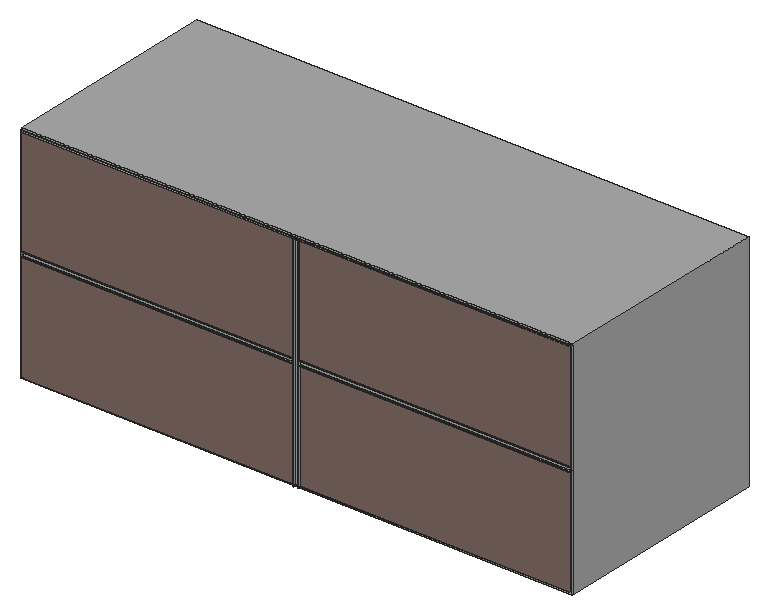
Revit family "vanity unit-hansgrohe-54241XXX-Xevolos E Vanity unit Slate Matt Grey 1370_550 with 4 drawers for consoles with countertop basin ground right", category Furniture, Revit 2019
Family settings
  OmniClass Number = 23.40.00.00
  OmniClass Title = Equipment and Furnishings
  Work Plane-Based = No
  Always vertical = Yes
  Cut with Voids When Loaded = No
  Shared = Yes
  Room Calculation Point = No
Parameters (values of type "54241730-SLATE_MATT_GREY-DARK_OAK-200")
  etim7_EC011381 = "EC011381"
  WEIGHT = "86.7"
  UNSPSC = "56 | Furniture and Furnishings"
  UNIFORMATII = "E2010 | Fixed Furnishings"
  UNICLASS_2015_CODE = "40_30_78_05"
  UNICLASS2015 = "Pr_40_30_78_05 | Bathroom furniture"
  SURFACE = "DARK_OAK"
  REGION = "Worldwide"
  PERMALINK = "54241XXX"
  OMNICLASS = "23-21 19 15 33 13 | Residential Bathroom Specialty Casework"
  OBJECTTYPE = "Object (single object)"
  OBERFLAECHE = "SLATE_MATT_GREY"
  NN = "Vanity unit with 4 drawers for consoles with countertop basin ground"
  NBSYN = "$ARTNR.-$OBERFLAECHE.-$SURFACE.-$LODLEVEL."
  NB = "54241730-SLATE_MATT_GREY-DARK_OAK-200"
  NAME = "Xevolos E Vanity unit Slate Matt Grey 1370/550 with 4 drawers for consoles with countertop basin ground right"
  Model = "54241730-SLATE_MATT_GREY-DARK_OAK-200"
  Manufacturer = "Hansgrohe"
  MIdent = "{$CADENAS_DATA/23d-libs/hansgrohe/xevolos_furniture/e_vanity_unit_4drawers_consoles_countertop_basin/vanity_unit_4drawers_consoles_countertop_basin.prj},285 {VTYP=3D},{NB=54241730-SLATE_MATT_GREY-DARK_OAK-200},{LINA=54241730-SLATE_MATT_GREY-DARK_OAK-200},{NN=Vanity unit with 4 drawers for consoles with countertop basin ground},{DATE=13.03.2023 11:56:00},{GEOMDATE=12.03.2023 06:43:00},{VERSION=},{LINEID=170},{WBVAR=LODLEVEL},{WBNUMERIC=}  {NB=54241730-SLATE_MATT_GREY-DARK_OAK-200},{LINA=54241730-SLATE_MATT_GREY-DARK_OAK-200},{KT=DUMMY},{IDNR=17},{ARTNR=54241730},{BASENUMBER=54241},{MODEL=54241XXX},{OBERFLAECHE=SLATE_MATT_GREY},{SURFACE=DARK_OAK},{L=1370},{CTP=R},{LODLEVEL=200},{LODLEVELX='400','400','200','200'},{NAME=Xevolos E Vanity unit Slate Matt Grey 1370/550 with 4 drawers for consoles with countertop basin ground right},{PERMALINK=54241XXX},{OBJECTTYPE=Object (single object)},{BIMOBJECT=Sanitary: Compound units},{COLLECTIONSET=Xevolos E},{COLLECTION=vanity unit},{WEIGHT=86.7},{DESCRIPTION=Xevolos E Vanity unit Slate Matt Grey 1370/550 with 4 drawers for consoles with countertop basin ground right},{PRODUCTURL=https://pro.hansgrohe.com/articledetail--54241390},{GTINCODE=0},{TENDERURL=0},{IFC=Furnishing element},{ETIM=EC011381 | Bathroom furniture set},{UNICLASS2015=Pr_40_30_78_05 | Bathroom furniture},{OMNICLASS=23-21 19 15 33 13 | Residential Bathroom Specialty Casework},{MASTERFORMAT=12 35 30.23 | Bathroom Casework},{UNSPSC=56 | Furniture and Furnishings},{UNIFORMATII=E2010 | Fixed Furnishings},{REGION=Worldwide},{DESIGN=Germany},{MANUFACTURER=Germany}"
  MASTERFORMAT = "12 35 30.23 | Bathroom Casework"
  LODLEVEL = "200"
  LINA = "54241730-SLATE_MATT_GREY-DARK_OAK-200"
  L = 1370
  IFC = "Furnishing element"
  IDNR = 17
  ETIM = "EC011381 | Bathroom furniture set"
  DESIGN = "Germany"
  CTP = "R"
  COLLECTIONSET = "Xevolos E"
  COLLECTION = "vanity unit"
  CATALOG = "Hansgrohe"
  BIMOBJECT = "Sanitary: Compound units"
  BASENUMBER = "54241"
  ARTNR = "54241730"
  54241770-SLATE_MATT_GREY-METALLIC_SLATE_GREY-400_RX0RY0RZ0TX0TY0TZ0_V = no
  54241770-SLATE_MATT_GREY-METALLIC_SLATE_GREY-200_RX0RY0RZ0TX0TY0TZ0_V = no
  54241730-SLATE_MATT_GREY-DARK_OAK-400_RX0RY0RZ0TX0TY0TZ0_V = no
  54241730-SLATE_MATT_GREY-DARK_OAK-200_RX0RY0RZ0TX0TY0TZ0_V = yes
  54241390-SLATE_MATT_GREY-PATTEREND_BRONZE-400_RX0RY0RZ0TX0TY0TZ0_V = no
  54241390-SLATE_MATT_GREY-PATTEREND_BRONZE-200_RX0RY0RZ0TX0TY0TZ0_V = no
Reference planes
  plane 1 "Center (Front/Back)": y = 0
  plane 2: z = 0
  plane 3 "Center (Left/Right)": x = 0
Dimensions and locks
  aligned and locked: level to plane 2
Nested families
  nested 1: "54241390-slate_matt_grey-patterend_bronze-200_content" at (0, 0, 0), visible <- "54241390-SLATE_MATT_GREY-PATTEREND_BRONZE-200_RX0RY0RZ0TX0TY0TZ0_V", ContentVisible <- "54241390-SLATE_MATT_GREY-PATTEREND_BRONZE-200_RX0RY0RZ0TX0TY0TZ0_V", type "54241390-SLATE_MATT_GREY-PATTEREND_BRONZE-200_Content"
    with ContentVisible no
  nested 2: "54241390-slate_matt_grey-patterend_bronze-400_content" at (0, 0, 0), visible <- "54241390-SLATE_MATT_GREY-PATTEREND_BRONZE-400_RX0RY0RZ0TX0TY0TZ0_V", ContentVisible <- "54241390-SLATE_MATT_GREY-PATTEREND_BRONZE-400_RX0RY0RZ0TX0TY0TZ0_V", type "54241390-SLATE_MATT_GREY-PATTEREND_BRONZE-400_Content"
    with ContentVisible no
  nested 3: "54241730-slate_matt_grey-dark_oak-200_content" at (0, 0, 0), visible <- "54241730-SLATE_MATT_GREY-DARK_OAK-200_RX0RY0RZ0TX0TY0TZ0_V", ContentVisible <- "54241730-SLATE_MATT_GREY-DARK_OAK-200_RX0RY0RZ0TX0TY0TZ0_V", type "54241730-SLATE_MATT_GREY-DARK_OAK-200_Content"
    with ContentVisible yes
  nested 4: "54241730-slate_matt_grey-dark_oak-400_content" at (0, 0, 0), visible <- "54241730-SLATE_MATT_GREY-DARK_OAK-400_RX0RY0RZ0TX0TY0TZ0_V", ContentVisible <- "54241730-SLATE_MATT_GREY-DARK_OAK-400_RX0RY0RZ0TX0TY0TZ0_V", type "54241730-SLATE_MATT_GREY-DARK_OAK-400_Content"
    with ContentVisible no
  nested 5: "54241770-slate_matt_grey-metallic_slate_grey-200_content" at (0, 0, 0), visible <- "54241770-SLATE_MATT_GREY-METALLIC_SLATE_GREY-200_RX0RY0RZ0TX0TY0TZ0_V", ContentVisible <- "54241770-SLATE_MATT_GREY-METALLIC_SLATE_GREY-200_RX0RY0RZ0TX0TY0TZ0_V", type "54241770-SLATE_MATT_GREY-METALLIC_SLATE_GREY-200_Content"
    with ContentVisible no
  nested 6: "54241770-slate_matt_grey-metallic_slate_grey-400_content" at (0, 0, 0), visible <- "54241770-SLATE_MATT_GREY-METALLIC_SLATE_GREY-400_RX0RY0RZ0TX0TY0TZ0_V", ContentVisible <- "54241770-SLATE_MATT_GREY-METALLIC_SLATE_GREY-400_RX0RY0RZ0TX0TY0TZ0_V", type "54241770-SLATE_MATT_GREY-METALLIC_SLATE_GREY-400_Content"
    with ContentVisible no
Definition of nested family "54241730-slate_matt_grey-dark_oak-200_content"
  Parameters (values of type "54241730-SLATE_MATT_GREY-DARK_OAK-200_Content")
    etim7_EC011381 = "EC011381"
    WEIGHT = "86.7"
    UNSPSC = "56 | Furniture and Furnishings"
    UNIFORMATII = "E2010 | Fixed Furnishings"
    UNICLASS_2015_CODE = "40_30_78_05"
    UNICLASS2015 = "Pr_40_30_78_05 | Bathroom furniture"
    SURFACE = "DARK_OAK"
    REGION = "Worldwide"
    PERMALINK = "54241XXX"
    OMNICLASS = "23-21 19 15 33 13 | Residential Bathroom Specialty Casework"
    OBJECTTYPE = "Object (single object)"
    OBERFLAECHE = "SLATE_MATT_GREY"
    NN = "Vanity unit with 4 drawers for consoles with countertop basin ground"
    NBSYN = "$ARTNR.-$OBERFLAECHE.-$SURFACE.-$LODLEVEL."
    NB = "54241730-SLATE_MATT_GREY-DARK_OAK-200"
    NAME = "Xevolos E Vanity unit Slate Matt Grey 1370/550 with 4 drawers for consoles with countertop basin ground right"
    Model = "54241730-SLATE_MATT_GREY-DARK_OAK-200"
    Manufacturer = "Hansgrohe"
    MASTERFORMAT = "12 35 30.23 | Bathroom Casework"
    LODLEVEL = "200"
    LINA = "54241730-SLATE_MATT_GREY-DARK_OAK-200"
    L = 1370
    IFC = "Furnishing element"
    IDNR = 17
    ETIM = "EC011381 | Bathroom furniture set"
    Default Elevation = 1219.2 mm
    DESIGN = "Germany"
    ContentVisible [instance] = yes
    CTP = "R"
    COLLECTIONSET = "Xevolos E"
    COLLECTION = "vanity unit"
    CATALOG = "Hansgrohe"
    BIMOBJECT = "Sanitary: Compound units"
    BASENUMBER = "54241"
    ARTNR = "54241730"
  Reference planes
    plane 1 "Center (Front/Back)": y = 0
    plane 2: z = 0
    plane 3 "Center (Left/Right)": x = 0
  Forms (mm)
    Extrusion 1, solid, visible <- "ContentVisible", detail levels medium+fine
      sketch origin (0, 0, 0) x (1, 0, 0) y (0, 1, 0)
        loop
          line (-685, 0) -> (-685, -544.3) -> (685, -544.3) -> (685, 0) -> (-685, 0)
      from 0 to 558
    Extrusion 2, solid, visible <- "ContentVisible", detail levels medium+fine
      sketch origin (0, -544.3, 0) x (1, 0, 0) y (0, 0, -1)
        loop
          line (-685, -278) -> (-683, -278) -> (-683, -4) -> (683, -4) -> (683, -278) -> (685, -278) -> (685, -2) -> (-685, -2) -> (-685, -278)
      from -4 to 0
    Extrusion 3, solid, visible <- "ContentVisible", detail levels medium+fine
      sketch origin (0, -544.3, 0) x (1, 0, 0) y (0, 0, -1)
        loop
          line (-685, -278) -> (-685, -554) -> (685, -554) -> (685, -278) -> (683, -278) -> (683, -552) -> (-683, -552) -> (-683, -278) -> (-685, -278)
      from -4 to 0
    Extrusion 4, solid, visible <- "ContentVisible", detail levels medium+fine
      sketch origin (0, -544.3, 0) x (1, 0, 0) y (0, 0, -1)
        loop
          line (-683, -272.5) -> (-7, -272.5) -> (-7, -4) -> (-683, -4) -> (-683, -272.5)
      from -4 to 0
    Extrusion 5, solid, visible <- "ContentVisible", detail levels medium+fine
      sketch origin (0, -544.3, 0) x (1, 0, 0) y (0, 0, -1)
        loop
          line (7, -272.5) -> (683, -272.5) -> (683, -4) -> (7, -4) -> (7, -272.5)
      from -2 to 0
    Extrusion 6, solid, visible <- "ContentVisible", detail levels medium+fine
      sketch origin (0, -544.3, 0) x (1, 0, 0) y (0, 0, -1)
        loop
          line (-683, -554) -> (-7, -554) -> (-7, -285.5) -> (-683, -285.5) -> (-683, -554)
      from -4 to 0
    Extrusion 7, solid, visible <- "ContentVisible", detail levels medium+fine
      sketch origin (0, -544.3, 0) x (1, 0, 0) y (0, 0, -1)
        loop
          line (7, -554) -> (683, -554) -> (683, -285.5) -> (7, -285.5) -> (7, -554)
      from -4 to 0
    Extrusion 8, solid, visible <- "ContentVisible", detail levels medium+fine
      sketch origin (0, 0, 272.5) x (1, 0, 0) y (0, 1, 0)
        loop
          line (-683, -527) -> (-683, -548.3) -> (-7, -548.3) -> (-7, -527) -> (-683, -527)
      from 0 to 2
    Extrusion 9, solid, visible <- "ContentVisible", detail levels medium+fine
      sketch origin (0, 0, 272.5) x (1, 0, 0) y (0, 1, 0)
        loop
          line (7, -548.3) -> (683, -548.3) -> (683, -527) -> (7, -527) -> (7, -548.3)
      from 0 to 2
    Extrusion 10, solid, visible <- "ContentVisible", detail levels medium+fine
      sketch origin (0, 0, 285.5) x (1, 0, 0) y (0, 1, 0)
        loop
          line (-683, -527) -> (-683, -548.3) -> (-7, -548.3) -> (-7, -527) -> (-683, -527)
      from -2 to 0
    Extrusion 11, solid, visible <- "ContentVisible", detail levels medium+fine
      sketch origin (0, 0, 285.5) x (1, 0, 0) y (0, 1, 0)
        loop
          line (7, -548.3) -> (683, -548.3) -> (683, -527) -> (7, -527) -> (7, -548.3)
      from -2 to 0
    Extrusion 12, solid, visible <- "ContentVisible", detail levels medium+fine
      sketch origin (0, 0, 0) x (1, 0, 0) y (0, 1, 0)
        loop
          line (-7, -544.3) -> (-7, -548.3) -> (-5, -548.3) -> (-5, -544.3) -> (-7, -544.3)
      from 0 to 554
    Extrusion 13, solid, visible <- "ContentVisible", detail levels medium+fine
      sketch origin (0, 0, 0) x (1, 0, 0) y (0, 1, 0)
        loop
          line (5, -544.3) -> (5, -548.3) -> (7, -548.3) -> (7, -544.3) -> (5, -544.3)
      from 0 to 554
    Extrusion 14, solid, visible <- "ContentVisible", detail levels coarse
      sketch origin (0, -274.15, 0) x (1, 0, 0) y (0, 1, 0)
        loop
          line (-685, -274.15) -> (685, -274.15) -> (685, 274.15) -> (-685, 274.15) -> (-685, -274.15)
      from 0 to 558
  Dimensions and locks
    aligned and locked: level to plane 2
Definition of nested family "54241390-slate_matt_grey-patterend_bronze-200_content"
  Parameters (values of type "54241390-SLATE_MATT_GREY-PATTEREND_BRONZE-200_Content")
    etim7_EC011381 = "EC011381"
    WEIGHT = "86.7"
    UNSPSC = "56 | Furniture and Furnishings"
    UNIFORMATII = "E2010 | Fixed Furnishings"
    UNICLASS_2015_CODE = "40_30_78_05"
    UNICLASS2015 = "Pr_40_30_78_05 | Bathroom furniture"
    SURFACE = "PATTEREND_BRONZE"
    REGION = "Worldwide"
    PERMALINK = "54241XXX"
    OMNICLASS = "23-21 19 15 33 13 | Residential Bathroom Specialty Casework"
    OBJECTTYPE = "Object (single object)"
    OBERFLAECHE = "SLATE_MATT_GREY"
    NN = "Vanity unit with 4 drawers for consoles with countertop basin ground"
    NBSYN = "$ARTNR.-$OBERFLAECHE.-$SURFACE.-$LODLEVEL."
    NB = "54241390-SLATE_MATT_GREY-PATTEREND_BRONZE-200"
    NAME = "Xevolos E Vanity unit Slate Matt Grey 1370/550 with 4 drawers for consoles with countertop basin ground right"
    Model = "54241390-SLATE_MATT_GREY-PATTEREND_BRONZE-200"
    Manufacturer = "Hansgrohe"
    MASTERFORMAT = "12 35 30.23 | Bathroom Casework"
    LODLEVEL = "200"
    LINA = "54241390-SLATE_MATT_GREY-PATTEREND_BRONZE-200"
    L = 1370
    IFC = "Furnishing element"
    IDNR = 16
    ETIM = "EC011381 | Bathroom furniture set"
    Default Elevation = 1219.2 mm
    DESIGN = "Germany"
    ContentVisible [instance] = yes
    CTP = "R"
    COLLECTIONSET = "Xevolos E"
    COLLECTION = "vanity unit"
    CATALOG = "Hansgrohe"
    BIMOBJECT = "Sanitary: Compound units"
    BASENUMBER = "54241"
    ARTNR = "54241390"
  Reference planes
    plane 1 "Center (Front/Back)": y = 0
    plane 2: z = 0
    plane 3 "Center (Left/Right)": x = 0
  Forms (mm)
    Extrusion 1, solid, visible <- "ContentVisible", detail levels medium+fine
      sketch origin (0, 0, 0) x (1, 0, 0) y (0, 1, 0)
        loop
          line (-685, 0) -> (-685, -544.3) -> (685, -544.3) -> (685, 0) -> (-685, 0)
      from 0 to 558
    Extrusion 2, solid, visible <- "ContentVisible", detail levels medium+fine
      sketch origin (0, -544.3, 0) x (1, 0, 0) y (0, 0, -1)
        loop
          line (-685, -278) -> (-683, -278) -> (-683, -4) -> (683, -4) -> (683, -278) -> (685, -278) -> (685, -2) -> (-685, -2) -> (-685, -278)
      from -4 to 0
    Extrusion 3, solid, visible <- "ContentVisible", detail levels medium+fine
      sketch origin (0, -544.3, 0) x (1, 0, 0) y (0, 0, -1)
        loop
          line (-685, -278) -> (-685, -554) -> (685, -554) -> (685, -278) -> (683, -278) -> (683, -552) -> (-683, -552) -> (-683, -278) -> (-685, -278)
      from -4 to 0
    Extrusion 4, solid, visible <- "ContentVisible", detail levels medium+fine
      sketch origin (0, -544.3, 0) x (1, 0, 0) y (0, 0, -1)
        loop
          line (-683, -272.5) -> (-7, -272.5) -> (-7, -4) -> (-683, -4) -> (-683, -272.5)
      from -4 to 0
    Extrusion 5, solid, visible <- "ContentVisible", detail levels medium+fine
      sketch origin (0, -544.3, 0) x (1, 0, 0) y (0, 0, -1)
        loop
          line (7, -272.5) -> (683, -272.5) -> (683, -4) -> (7, -4) -> (7, -272.5)
      from -2 to 0
    Extrusion 6, solid, visible <- "ContentVisible", detail levels medium+fine
      sketch origin (0, -544.3, 0) x (1, 0, 0) y (0, 0, -1)
        loop
          line (-683, -554) -> (-7, -554) -> (-7, -285.5) -> (-683, -285.5) -> (-683, -554)
      from -4 to 0
    Extrusion 7, solid, visible <- "ContentVisible", detail levels medium+fine
      sketch origin (0, -544.3, 0) x (1, 0, 0) y (0, 0, -1)
        loop
          line (7, -554) -> (683, -554) -> (683, -285.5) -> (7, -285.5) -> (7, -554)
      from -4 to 0
    Extrusion 8, solid, visible <- "ContentVisible", detail levels medium+fine
      sketch origin (0, 0, 272.5) x (1, 0, 0) y (0, 1, 0)
        loop
          line (-683, -527) -> (-683, -548.3) -> (-7, -548.3) -> (-7, -527) -> (-683, -527)
      from 0 to 2
    Extrusion 9, solid, visible <- "ContentVisible", detail levels medium+fine
      sketch origin (0, 0, 272.5) x (1, 0, 0) y (0, 1, 0)
        loop
          line (7, -548.3) -> (683, -548.3) -> (683, -527) -> (7, -527) -> (7, -548.3)
      from 0 to 2
    Extrusion 10, solid, visible <- "ContentVisible", detail levels medium+fine
      sketch origin (0, 0, 285.5) x (1, 0, 0) y (0, 1, 0)
        loop
          line (-683, -527) -> (-683, -548.3) -> (-7, -548.3) -> (-7, -527) -> (-683, -527)
      from -2 to 0
    Extrusion 11, solid, visible <- "ContentVisible", detail levels medium+fine
      sketch origin (0, 0, 285.5) x (1, 0, 0) y (0, 1, 0)
        loop
          line (7, -548.3) -> (683, -548.3) -> (683, -527) -> (7, -527) -> (7, -548.3)
      from -2 to 0
    Extrusion 12, solid, visible <- "ContentVisible", detail levels medium+fine
      sketch origin (0, 0, 0) x (1, 0, 0) y (0, 1, 0)
        loop
          line (-7, -544.3) -> (-7, -548.3) -> (-5, -548.3) -> (-5, -544.3) -> (-7, -544.3)
      from 0 to 554
    Extrusion 13, solid, visible <- "ContentVisible", detail levels medium+fine
      sketch origin (0, 0, 0) x (1, 0, 0) y (0, 1, 0)
        loop
          line (5, -544.3) -> (5, -548.3) -> (7, -548.3) -> (7, -544.3) -> (5, -544.3)
      from 0 to 554
    Extrusion 14, solid, visible <- "ContentVisible", detail levels coarse
      sketch origin (0, -274.15, 0) x (1, 0, 0) y (0, 1, 0)
        loop
          line (-685, -274.15) -> (685, -274.15) -> (685, 274.15) -> (-685, 274.15) -> (-685, -274.15)
      from 0 to 558
  Dimensions and locks
    aligned and locked: level to plane 2
Definition of nested family "54241390-slate_matt_grey-patterend_bronze-400_content"
  Parameters (values of type "54241390-SLATE_MATT_GREY-PATTEREND_BRONZE-400_Content")
    etim7_EC011381 = "EC011381"
    WEIGHT = "86.7"
    UNSPSC = "56 | Furniture and Furnishings"
    UNIFORMATII = "E2010 | Fixed Furnishings"
    UNICLASS_2015_CODE = "40_30_78_05"
    UNICLASS2015 = "Pr_40_30_78_05 | Bathroom furniture"
    SURFACE = "PATTEREND_BRONZE"
    REGION = "Worldwide"
    PERMALINK = "54241XXX"
    OMNICLASS = "23-21 19 15 33 13 | Residential Bathroom Specialty Casework"
    OBJECTTYPE = "Object (single object)"
    OBERFLAECHE = "SLATE_MATT_GREY"
    NN = "Vanity unit with 4 drawers for consoles with countertop basin ground"
    NBSYN = "$ARTNR.-$OBERFLAECHE.-$SURFACE.-$LODLEVEL."
    NB = "54241390-SLATE_MATT_GREY-PATTEREND_BRONZE-400"
    NAME = "Xevolos E Vanity unit Slate Matt Grey 1370/550 with 4 drawers for consoles with countertop basin ground right"
    Model = "54241390-SLATE_MATT_GREY-PATTEREND_BRONZE-400"
    Manufacturer = "Hansgrohe"
    MASTERFORMAT = "12 35 30.23 | Bathroom Casework"
    LODLEVEL = "400"
    LINA = "54241390-SLATE_MATT_GREY-PATTEREND_BRONZE-400"
    L = 1370
    IFC = "Furnishing element"
    IDNR = 16
    ETIM = "EC011381 | Bathroom furniture set"
    Default Elevation = 1219.2 mm
    DESIGN = "Germany"
    ContentVisible [instance] = yes
    CTP = "R"
    COLLECTIONSET = "Xevolos E"
    COLLECTION = "vanity unit"
    CATALOG = "Hansgrohe"
    BIMOBJECT = "Sanitary: Compound units"
    BASENUMBER = "54241"
    ARTNR = "54241390"
  Reference planes
    plane 1 "Center (Front/Back)": y = 0
    plane 2: z = 0
    plane 3 "Center (Left/Right)": x = 0
  Forms (mm)
    Extrusion 1, solid, visible <- "ContentVisible", detail levels medium+fine
      sketch origin (0, 0, 0) x (1, 0, 0) y (0, 1, 0)
        loop
          line (-685, 0) -> (-685, -548.3) -> (-683, -548.3) -> (-683, -544.3) -> (-669, -544.3) -> (-669, 0) -> (-685, 0)
      from 0 to 558
    Extrusion 2, solid, visible <- "ContentVisible", detail levels medium+fine
      sketch origin (0, 0, 0) x (1, 0, 0) y (0, 1, 0)
        loop
          line (-669, -131.5) -> (-669, -498) -> (669, -498) -> (669, -131.5) -> (-669, -131.5)
      from 0 to 16
    Extrusion 3, solid, visible <- "ContentVisible", detail levels medium+fine
      sketch origin (0, 0, 0) x (1, 0, 0) y (0, 1, 0)
        loop
          line (669, 0) -> (669, -544.3) -> (683, -544.3) -> (683, -548.3) -> (685, -548.3) -> (685, 0) -> (669, 0)
      from 0 to 558
    Extrusion 4, solid, visible <- "ContentVisible", detail levels medium+fine
      sketch origin (0, 0, 0.5) x (1, 0, 0) y (0, 1, 0)
        loop
          line (-669, -115.5) -> (-669, -131.5) -> (669, -131.5) -> (669, -115.5) -> (-669, -115.5)
      from 0 to 126
    Extrusion 5, solid, visible <- "ContentVisible", detail levels medium+fine
      sketch origin (0, 0, 0) x (1, 0, 0) y (0, 1, 0)
        loop
          line (-5, -536) -> (5, -536) -> (5, 0) -> (-5, 0) -> (-5, -536)
      from 0 to 558
    Extrusion 6, solid, visible <- "ContentVisible", detail levels medium+fine
      sketch origin (0, 0, 0) x (1, 0, 0) y (0, 1, 0)
        loop
          line (-21, 0) -> (-21, -544.3) -> (-7, -544.3) -> (-7, -548.3) -> (-5, -548.3) -> (-5, 0) -> (-21, 0)
      from 0 to 558
    Extrusion 7, solid, visible <- "ContentVisible", detail levels medium+fine
      sketch origin (0, 0, 0) x (1, 0, 0) y (0, 1, 0)
        loop
          line (5, 0) -> (5, -548.3) -> (7, -548.3) -> (7, -544.3) -> (21, -544.3) -> (21, 0) -> (5, 0)
      from 0 to 558
    Extrusion 8, solid, visible <- "ContentVisible", detail levels medium+fine
      sketch origin (0, 0, 2) x (1, 0, 0) y (0, 1, 0)
        loop
          line (-683, -527) -> (-683, -548.3) -> (-7, -548.3) -> (-7, -527) -> (-683, -527)
      from 0 to 2
    Extrusion 9, solid, visible <- "ContentVisible", detail levels medium+fine
      sketch origin (0, 0, 2) x (1, 0, 0) y (0, 1, 0)
        loop
          line (7, -548.3) -> (683, -548.3) -> (683, -527) -> (7, -527) -> (7, -548.3)
      from 0 to 2
    Extrusion 10, solid, visible <- "ContentVisible", detail levels medium+fine
      sketch origin (0, 0, 556) x (1, 0, 0) y (0, 1, 0)
        loop
          line (-683, -527) -> (-683, -548.3) -> (-7, -548.3) -> (-7, -527) -> (-683, -527)
      from -2 to 0
    Extrusion 11, solid, visible <- "ContentVisible", detail levels medium+fine
      sketch origin (0, 0, 556) x (1, 0, 0) y (0, 1, 0)
        loop
          line (7, -548.3) -> (683, -548.3) -> (683, -527) -> (7, -527) -> (7, -548.3)
      from -2 to 0
    Extrusion 12, solid, visible <- "ContentVisible", detail levels medium+fine
      sketch origin (0, -544.3, 0) x (1, 0, 0) y (0, 0, -1)
        loop
          line (-683, -272.5) -> (-7, -272.5) -> (-7, -4) -> (-683, -4) -> (-683, -272.5)
      from -4 to 0
    Extrusion 13, solid, visible <- "ContentVisible", detail levels medium+fine
      sketch origin (0, -544.3, 0) x (1, 0, 0) y (0, 0, -1)
        loop
          line (7, -272.5) -> (683, -272.5) -> (683, -4) -> (7, -4) -> (7, -272.5)
      from -2 to 0
    Extrusion 14, solid, visible <- "ContentVisible", detail levels medium+fine
      sketch origin (0, -544.3, 0) x (1, 0, 0) y (0, 0, -1)
        loop
          line (-683, -554) -> (-7, -554) -> (-7, -285.5) -> (-683, -285.5) -> (-683, -554)
      from -4 to 0
    Extrusion 15, solid, visible <- "ContentVisible", detail levels medium+fine
      sketch origin (0, -544.3, 0) x (1, 0, 0) y (0, 0, -1)
        loop
          line (7, -554) -> (683, -554) -> (683, -285.5) -> (7, -285.5) -> (7, -554)
      from -4 to 0
    Extrusion 16, solid, visible <- "ContentVisible", detail levels medium+fine
      sketch origin (0, 0, 272.5) x (1, 0, 0) y (0, 1, 0)
        loop
          line (-683, -527) -> (-683, -548.3) -> (-7, -548.3) -> (-7, -527) -> (-683, -527)
      from 0 to 2
    Extrusion 17, solid, visible <- "ContentVisible", detail levels medium+fine
      sketch origin (0, 0, 272.5) x (1, 0, 0) y (0, 1, 0)
        loop
          line (7, -548.3) -> (683, -548.3) -> (683, -527) -> (7, -527) -> (7, -548.3)
      from 0 to 2
    Extrusion 18, solid, visible <- "ContentVisible", detail levels medium+fine
      sketch origin (0, 0, 285.5) x (1, 0, 0) y (0, 1, 0)
        loop
          line (-683, -527) -> (-683, -548.3) -> (-7, -548.3) -> (-7, -527) -> (-683, -527)
      from -2 to 0
    Extrusion 19, solid, visible <- "ContentVisible", detail levels medium+fine
      sketch origin (0, 0, 285.5) x (1, 0, 0) y (0, 1, 0)
        loop
          line (7, -548.3) -> (683, -548.3) -> (683, -527) -> (7, -527) -> (7, -548.3)
      from -2 to 0
    Extrusion 20, solid, visible <- "ContentVisible", detail levels medium+fine
      sketch origin (0, -544.3, 0) x (1, 0, 0) y (0, 0, -1)
        loop
          line (-683, -274.5) -> (-7, -274.5) -> (-7, -4.5) -> (-683, -4.5) -> (-683, -274.5)
        loop
          line (-609, -80.5) -> (-609, -272.5) -> (-81, -272.5) -> (-81, -80.5) -> (-609, -80.5)
      from 0 to 17
    Extrusion 21, solid, visible <- "ContentVisible", detail levels medium+fine
      sketch origin (0, -544.3, 0) x (1, 0, 0) y (0, 0, -1)
        loop
          line (7, -274.5) -> (683, -274.5) -> (683, -4.5) -> (7, -4.5) -> (7, -274.5)
        loop
          line (81, -80.5) -> (81, -272.5) -> (609, -272.5) -> (609, -80.5) -> (81, -80.5)
      from 0 to 17
    Extrusion 22, solid, visible <- "ContentVisible", detail levels medium+fine
      sketch origin (0, -544.3, 0) x (1, 0, 0) y (0, 0, -1)
        loop
          line (-683, -553.5) -> (-607, -553.5) -> (-607, -361.5) -> (-83, -361.5) -> (-83, -553.5) -> (-7, -553.5) -> (-7, -285.5) -> (-683, -285.5) -> (-683, -553.5)
      from 0 to 17
    Extrusion 23, solid, visible <- "ContentVisible", detail levels medium+fine
      sketch origin (0, -544.3, 0) x (1, 0, 0) y (0, 0, -1)
        loop
          line (7, -285.5) -> (7, -553.5) -> (83, -553.5) -> (83, -361.5) -> (607, -361.5) -> (607, -553.5) -> (683, -553.5) -> (683, -285.5) -> (7, -285.5)
      from 0 to 17
    Extrusion 24, solid, visible <- "ContentVisible", detail levels medium+fine
      sketch origin (0, 0, 0) x (0, 0, -1) y (0, 1, 0)
        loop
          line (-285, -395.5) -> (-285, -520) -> (-269, -520) -> (-269, -395.5) -> (-285, -395.5)
      from -669 to 669
    Extrusion 25, solid, visible <- "ContentVisible", detail levels medium+fine
      sketch origin (0, 0, 557.5) x (1, 0, 0) y (0, 1, 0)
        loop
          line (21, -23) -> (21, -521.5) -> (669, -521.5) -> (669, -23) -> (495, -23) -> (495, -273)
          arc (495, -273) -> (465.711, -343.711) -> (395, -373) r 100
          line (395, -373) -> (295, -373)
          arc (295, -373) -> (224.289, -343.711) -> (195, -273) r 100
          line (195, -273) -> (195, -23) -> (21, -23)
      from -16 to 0
    Extrusion 26, solid, visible <- "ContentVisible", detail levels medium+fine
      sketch origin (0, 0, 557.5) x (1, 0, 0) y (0, 1, 0)
        loop
          line (-669, -521.5) -> (-21, -521.5) -> (-21, -23) -> (-669, -23) -> (-669, -521.5)
      from -16 to 0
    Extrusion 27, solid, visible <- "ContentVisible", detail levels coarse
      sketch origin (0, -274.15, 0) x (1, 0, 0) y (0, 1, 0)
        loop
          line (-685, -274.15) -> (685, -274.15) -> (685, 274.15) -> (-685, 274.15) -> (-685, -274.15)
      from 0 to 558
  Dimensions and locks
    aligned and locked: level to plane 2
Definition of nested family "54241730-slate_matt_grey-dark_oak-400_content"
  Parameters (values of type "54241730-SLATE_MATT_GREY-DARK_OAK-400_Content")
    etim7_EC011381 = "EC011381"
    WEIGHT = "86.7"
    UNSPSC = "56 | Furniture and Furnishings"
    UNIFORMATII = "E2010 | Fixed Furnishings"
    UNICLASS_2015_CODE = "40_30_78_05"
    UNICLASS2015 = "Pr_40_30_78_05 | Bathroom furniture"
    SURFACE = "DARK_OAK"
    REGION = "Worldwide"
    PERMALINK = "54241XXX"
    OMNICLASS = "23-21 19 15 33 13 | Residential Bathroom Specialty Casework"
    OBJECTTYPE = "Object (single object)"
    OBERFLAECHE = "SLATE_MATT_GREY"
    NN = "Vanity unit with 4 drawers for consoles with countertop basin ground"
    NBSYN = "$ARTNR.-$OBERFLAECHE.-$SURFACE.-$LODLEVEL."
    NB = "54241730-SLATE_MATT_GREY-DARK_OAK-400"
    NAME = "Xevolos E Vanity unit Slate Matt Grey 1370/550 with 4 drawers for consoles with countertop basin ground right"
    Model = "54241730-SLATE_MATT_GREY-DARK_OAK-400"
    Manufacturer = "Hansgrohe"
    MASTERFORMAT = "12 35 30.23 | Bathroom Casework"
    LODLEVEL = "400"
    LINA = "54241730-SLATE_MATT_GREY-DARK_OAK-400"
    L = 1370
    IFC = "Furnishing element"
    IDNR = 17
    ETIM = "EC011381 | Bathroom furniture set"
    Default Elevation = 1219.2 mm
    DESIGN = "Germany"
    ContentVisible [instance] = yes
    CTP = "R"
    COLLECTIONSET = "Xevolos E"
    COLLECTION = "vanity unit"
    CATALOG = "Hansgrohe"
    BIMOBJECT = "Sanitary: Compound units"
    BASENUMBER = "54241"
    ARTNR = "54241730"
  Reference planes
    plane 1 "Center (Front/Back)": y = 0
    plane 2: z = 0
    plane 3 "Center (Left/Right)": x = 0
  Forms (mm)
    Extrusion 1, solid, visible <- "ContentVisible", detail levels medium+fine
      sketch origin (0, 0, 0) x (1, 0, 0) y (0, 1, 0)
        loop
          line (-685, 0) -> (-685, -548.3) -> (-683, -548.3) -> (-683, -544.3) -> (-669, -544.3) -> (-669, 0) -> (-685, 0)
      from 0 to 558
    Extrusion 2, solid, visible <- "ContentVisible", detail levels medium+fine
      sketch origin (0, 0, 0) x (1, 0, 0) y (0, 1, 0)
        loop
          line (-669, -131.5) -> (-669, -498) -> (669, -498) -> (669, -131.5) -> (-669, -131.5)
      from 0 to 16
    Extrusion 3, solid, visible <- "ContentVisible", detail levels medium+fine
      sketch origin (0, 0, 0) x (1, 0, 0) y (0, 1, 0)
        loop
          line (669, 0) -> (669, -544.3) -> (683, -544.3) -> (683, -548.3) -> (685, -548.3) -> (685, 0) -> (669, 0)
      from 0 to 558
    Extrusion 4, solid, visible <- "ContentVisible", detail levels medium+fine
      sketch origin (0, 0, 0.5) x (1, 0, 0) y (0, 1, 0)
        loop
          line (-669, -115.5) -> (-669, -131.5) -> (669, -131.5) -> (669, -115.5) -> (-669, -115.5)
      from 0 to 126
    Extrusion 5, solid, visible <- "ContentVisible", detail levels medium+fine
      sketch origin (0, 0, 0) x (1, 0, 0) y (0, 1, 0)
        loop
          line (-5, -536) -> (5, -536) -> (5, 0) -> (-5, 0) -> (-5, -536)
      from 0 to 558
    Extrusion 6, solid, visible <- "ContentVisible", detail levels medium+fine
      sketch origin (0, 0, 0) x (1, 0, 0) y (0, 1, 0)
        loop
          line (-21, 0) -> (-21, -544.3) -> (-7, -544.3) -> (-7, -548.3) -> (-5, -548.3) -> (-5, 0) -> (-21, 0)
      from 0 to 558
    Extrusion 7, solid, visible <- "ContentVisible", detail levels medium+fine
      sketch origin (0, 0, 0) x (1, 0, 0) y (0, 1, 0)
        loop
          line (5, 0) -> (5, -548.3) -> (7, -548.3) -> (7, -544.3) -> (21, -544.3) -> (21, 0) -> (5, 0)
      from 0 to 558
    Extrusion 8, solid, visible <- "ContentVisible", detail levels medium+fine
      sketch origin (0, 0, 2) x (1, 0, 0) y (0, 1, 0)
        loop
          line (-683, -527) -> (-683, -548.3) -> (-7, -548.3) -> (-7, -527) -> (-683, -527)
      from 0 to 2
    Extrusion 9, solid, visible <- "ContentVisible", detail levels medium+fine
      sketch origin (0, 0, 2) x (1, 0, 0) y (0, 1, 0)
        loop
          line (7, -548.3) -> (683, -548.3) -> (683, -527) -> (7, -527) -> (7, -548.3)
      from 0 to 2
    Extrusion 10, solid, visible <- "ContentVisible", detail levels medium+fine
      sketch origin (0, 0, 556) x (1, 0, 0) y (0, 1, 0)
        loop
          line (-683, -527) -> (-683, -548.3) -> (-7, -548.3) -> (-7, -527) -> (-683, -527)
      from -2 to 0
    Extrusion 11, solid, visible <- "ContentVisible", detail levels medium+fine
      sketch origin (0, 0, 556) x (1, 0, 0) y (0, 1, 0)
        loop
          line (7, -548.3) -> (683, -548.3) -> (683, -527) -> (7, -527) -> (7, -548.3)
      from -2 to 0
    Extrusion 12, solid, visible <- "ContentVisible", detail levels medium+fine
      sketch origin (0, -544.3, 0) x (1, 0, 0) y (0, 0, -1)
        loop
          line (-683, -272.5) -> (-7, -272.5) -> (-7, -4) -> (-683, -4) -> (-683, -272.5)
      from -4 to 0
    Extrusion 13, solid, visible <- "ContentVisible", detail levels medium+fine
      sketch origin (0, -544.3, 0) x (1, 0, 0) y (0, 0, -1)
        loop
          line (7, -272.5) -> (683, -272.5) -> (683, -4) -> (7, -4) -> (7, -272.5)
      from -2 to 0
    Extrusion 14, solid, visible <- "ContentVisible", detail levels medium+fine
      sketch origin (0, -544.3, 0) x (1, 0, 0) y (0, 0, -1)
        loop
          line (-683, -554) -> (-7, -554) -> (-7, -285.5) -> (-683, -285.5) -> (-683, -554)
      from -4 to 0
    Extrusion 15, solid, visible <- "ContentVisible", detail levels medium+fine
      sketch origin (0, -544.3, 0) x (1, 0, 0) y (0, 0, -1)
        loop
          line (7, -554) -> (683, -554) -> (683, -285.5) -> (7, -285.5) -> (7, -554)
      from -4 to 0
    Extrusion 16, solid, visible <- "ContentVisible", detail levels medium+fine
      sketch origin (0, 0, 272.5) x (1, 0, 0) y (0, 1, 0)
        loop
          line (-683, -527) -> (-683, -548.3) -> (-7, -548.3) -> (-7, -527) -> (-683, -527)
      from 0 to 2
    Extrusion 17, solid, visible <- "ContentVisible", detail levels medium+fine
      sketch origin (0, 0, 272.5) x (1, 0, 0) y (0, 1, 0)
        loop
          line (7, -548.3) -> (683, -548.3) -> (683, -527) -> (7, -527) -> (7, -548.3)
      from 0 to 2
    Extrusion 18, solid, visible <- "ContentVisible", detail levels medium+fine
      sketch origin (0, 0, 285.5) x (1, 0, 0) y (0, 1, 0)
        loop
          line (-683, -527) -> (-683, -548.3) -> (-7, -548.3) -> (-7, -527) -> (-683, -527)
      from -2 to 0
    Extrusion 19, solid, visible <- "ContentVisible", detail levels medium+fine
      sketch origin (0, 0, 285.5) x (1, 0, 0) y (0, 1, 0)
        loop
          line (7, -548.3) -> (683, -548.3) -> (683, -527) -> (7, -527) -> (7, -548.3)
      from -2 to 0
    Extrusion 20, solid, visible <- "ContentVisible", detail levels medium+fine
      sketch origin (0, -544.3, 0) x (1, 0, 0) y (0, 0, -1)
        loop
          line (-683, -274.5) -> (-7, -274.5) -> (-7, -4.5) -> (-683, -4.5) -> (-683, -274.5)
        loop
          line (-609, -80.5) -> (-609, -272.5) -> (-81, -272.5) -> (-81, -80.5) -> (-609, -80.5)
      from 0 to 17
    Extrusion 21, solid, visible <- "ContentVisible", detail levels medium+fine
      sketch origin (0, -544.3, 0) x (1, 0, 0) y (0, 0, -1)
        loop
          line (7, -274.5) -> (683, -274.5) -> (683, -4.5) -> (7, -4.5) -> (7, -274.5)
        loop
          line (81, -80.5) -> (81, -272.5) -> (609, -272.5) -> (609, -80.5) -> (81, -80.5)
      from 0 to 17
    Extrusion 22, solid, visible <- "ContentVisible", detail levels medium+fine
      sketch origin (0, -544.3, 0) x (1, 0, 0) y (0, 0, -1)
        loop
          line (-683, -553.5) -> (-607, -553.5) -> (-607, -361.5) -> (-83, -361.5) -> (-83, -553.5) -> (-7, -553.5) -> (-7, -285.5) -> (-683, -285.5) -> (-683, -553.5)
      from 0 to 17
    Extrusion 23, solid, visible <- "ContentVisible", detail levels medium+fine
      sketch origin (0, -544.3, 0) x (1, 0, 0) y (0, 0, -1)
        loop
          line (7, -285.5) -> (7, -553.5) -> (83, -553.5) -> (83, -361.5) -> (607, -361.5) -> (607, -553.5) -> (683, -553.5) -> (683, -285.5) -> (7, -285.5)
      from 0 to 17
    Extrusion 24, solid, visible <- "ContentVisible", detail levels medium+fine
      sketch origin (0, 0, 0) x (0, 0, -1) y (0, 1, 0)
        loop
          line (-285, -395.5) -> (-285, -520) -> (-269, -520) -> (-269, -395.5) -> (-285, -395.5)
      from -669 to 669
    Extrusion 25, solid, visible <- "ContentVisible", detail levels medium+fine
      sketch origin (0, 0, 557.5) x (1, 0, 0) y (0, 1, 0)
        loop
          line (21, -23) -> (21, -521.5) -> (669, -521.5) -> (669, -23) -> (495, -23) -> (495, -273)
          arc (495, -273) -> (465.711, -343.711) -> (395, -373) r 100
          line (395, -373) -> (295, -373)
          arc (295, -373) -> (224.289, -343.711) -> (195, -273) r 100
          line (195, -273) -> (195, -23) -> (21, -23)
      from -16 to 0
    Extrusion 26, solid, visible <- "ContentVisible", detail levels medium+fine
      sketch origin (0, 0, 557.5) x (1, 0, 0) y (0, 1, 0)
        loop
          line (-669, -521.5) -> (-21, -521.5) -> (-21, -23) -> (-669, -23) -> (-669, -521.5)
      from -16 to 0
    Extrusion 27, solid, visible <- "ContentVisible", detail levels coarse
      sketch origin (0, -274.15, 0) x (1, 0, 0) y (0, 1, 0)
        loop
          line (-685, -274.15) -> (685, -274.15) -> (685, 274.15) -> (-685, 274.15) -> (-685, -274.15)
      from 0 to 558
  Dimensions and locks
    aligned and locked: level to plane 2
Definition of nested family "54241770-slate_matt_grey-metallic_slate_grey-200_content"
  Parameters (values of type "54241770-SLATE_MATT_GREY-METALLIC_SLATE_GREY-200_Content")
    etim7_EC011381 = "EC011381"
    WEIGHT = "86.7"
    UNSPSC = "56 | Furniture and Furnishings"
    UNIFORMATII = "E2010 | Fixed Furnishings"
    UNICLASS_2015_CODE = "40_30_78_05"
    UNICLASS2015 = "Pr_40_30_78_05 | Bathroom furniture"
    SURFACE = "METALLIC_SLATE_GREY"
    REGION = "Worldwide"
    PERMALINK = "54241XXX"
    OMNICLASS = "23-21 19 15 33 13 | Residential Bathroom Specialty Casework"
    OBJECTTYPE = "Object (single object)"
    OBERFLAECHE = "SLATE_MATT_GREY"
    NN = "Vanity unit with 4 drawers for consoles with countertop basin ground"
    NBSYN = "$ARTNR.-$OBERFLAECHE.-$SURFACE.-$LODLEVEL."
    NB = "54241770-SLATE_MATT_GREY-METALLIC_SLATE_GREY-200"
    NAME = "Xevolos E Vanity unit Slate Matt Grey 1370/550 with 4 drawers for consoles with countertop basin ground right"
    Model = "54241770-SLATE_MATT_GREY-METALLIC_SLATE_GREY-200"
    Manufacturer = "Hansgrohe"
    MASTERFORMAT = "12 35 30.23 | Bathroom Casework"
    LODLEVEL = "200"
    LINA = "54241770-SLATE_MATT_GREY-METALLIC_SLATE_GREY-200"
    L = 1370
    IFC = "Furnishing element"
    IDNR = 18
    ETIM = "EC011381 | Bathroom furniture set"
    Default Elevation = 1219.2 mm
    DESIGN = "Germany"
    ContentVisible [instance] = yes
    CTP = "R"
    COLLECTIONSET = "Xevolos E"
    COLLECTION = "vanity unit"
    CATALOG = "Hansgrohe"
    BIMOBJECT = "Sanitary: Compound units"
    BASENUMBER = "54241"
    ARTNR = "54241770"
  Reference planes
    plane 1 "Center (Front/Back)": y = 0
    plane 2: z = 0
    plane 3 "Center (Left/Right)": x = 0
  Forms (mm)
    Extrusion 1, solid, visible <- "ContentVisible", detail levels medium+fine
      sketch origin (0, 0, 0) x (1, 0, 0) y (0, 1, 0)
        loop
          line (-685, 0) -> (-685, -544.3) -> (685, -544.3) -> (685, 0) -> (-685, 0)
      from 0 to 558
    Extrusion 2, solid, visible <- "ContentVisible", detail levels medium+fine
      sketch origin (0, -544.3, 0) x (1, 0, 0) y (0, 0, -1)
        loop
          line (-685, -278) -> (-683, -278) -> (-683, -4) -> (683, -4) -> (683, -278) -> (685, -278) -> (685, -2) -> (-685, -2) -> (-685, -278)
      from -4 to 0
    Extrusion 3, solid, visible <- "ContentVisible", detail levels medium+fine
      sketch origin (0, -544.3, 0) x (1, 0, 0) y (0, 0, -1)
        loop
          line (-685, -278) -> (-685, -554) -> (685, -554) -> (685, -278) -> (683, -278) -> (683, -552) -> (-683, -552) -> (-683, -278) -> (-685, -278)
      from -4 to 0
    Extrusion 4, solid, visible <- "ContentVisible", detail levels medium+fine
      sketch origin (0, -544.3, 0) x (1, 0, 0) y (0, 0, -1)
        loop
          line (-683, -272.5) -> (-7, -272.5) -> (-7, -4) -> (-683, -4) -> (-683, -272.5)
      from -4 to 0
    Extrusion 5, solid, visible <- "ContentVisible", detail levels medium+fine
      sketch origin (0, -544.3, 0) x (1, 0, 0) y (0, 0, -1)
        loop
          line (7, -272.5) -> (683, -272.5) -> (683, -4) -> (7, -4) -> (7, -272.5)
      from -2 to 0
    Extrusion 6, solid, visible <- "ContentVisible", detail levels medium+fine
      sketch origin (0, -544.3, 0) x (1, 0, 0) y (0, 0, -1)
        loop
          line (-683, -554) -> (-7, -554) -> (-7, -285.5) -> (-683, -285.5) -> (-683, -554)
      from -4 to 0
    Extrusion 7, solid, visible <- "ContentVisible", detail levels medium+fine
      sketch origin (0, -544.3, 0) x (1, 0, 0) y (0, 0, -1)
        loop
          line (7, -554) -> (683, -554) -> (683, -285.5) -> (7, -285.5) -> (7, -554)
      from -4 to 0
    Extrusion 8, solid, visible <- "ContentVisible", detail levels medium+fine
      sketch origin (0, 0, 272.5) x (1, 0, 0) y (0, 1, 0)
        loop
          line (-683, -527) -> (-683, -548.3) -> (-7, -548.3) -> (-7, -527) -> (-683, -527)
      from 0 to 2
    Extrusion 9, solid, visible <- "ContentVisible", detail levels medium+fine
      sketch origin (0, 0, 272.5) x (1, 0, 0) y (0, 1, 0)
        loop
          line (7, -548.3) -> (683, -548.3) -> (683, -527) -> (7, -527) -> (7, -548.3)
      from 0 to 2
    Extrusion 10, solid, visible <- "ContentVisible", detail levels medium+fine
      sketch origin (0, 0, 285.5) x (1, 0, 0) y (0, 1, 0)
        loop
          line (-683, -527) -> (-683, -548.3) -> (-7, -548.3) -> (-7, -527) -> (-683, -527)
      from -2 to 0
    Extrusion 11, solid, visible <- "ContentVisible", detail levels medium+fine
      sketch origin (0, 0, 285.5) x (1, 0, 0) y (0, 1, 0)
        loop
          line (7, -548.3) -> (683, -548.3) -> (683, -527) -> (7, -527) -> (7, -548.3)
      from -2 to 0
    Extrusion 12, solid, visible <- "ContentVisible", detail levels medium+fine
      sketch origin (0, 0, 0) x (1, 0, 0) y (0, 1, 0)
        loop
          line (-7, -544.3) -> (-7, -548.3) -> (-5, -548.3) -> (-5, -544.3) -> (-7, -544.3)
      from 0 to 554
    Extrusion 13, solid, visible <- "ContentVisible", detail levels medium+fine
      sketch origin (0, 0, 0) x (1, 0, 0) y (0, 1, 0)
        loop
          line (5, -544.3) -> (5, -548.3) -> (7, -548.3) -> (7, -544.3) -> (5, -544.3)
      from 0 to 554
    Extrusion 14, solid, visible <- "ContentVisible", detail levels coarse
      sketch origin (0, -274.15, 0) x (1, 0, 0) y (0, 1, 0)
        loop
          line (-685, -274.15) -> (685, -274.15) -> (685, 274.15) -> (-685, 274.15) -> (-685, -274.15)
      from 0 to 558
  Dimensions and locks
    aligned and locked: level to plane 2
Definition of nested family "54241770-slate_matt_grey-metallic_slate_grey-400_content"
  Parameters (values of type "54241770-SLATE_MATT_GREY-METALLIC_SLATE_GREY-400_Content")
    etim7_EC011381 = "EC011381"
    WEIGHT = "86.7"
    UNSPSC = "56 | Furniture and Furnishings"
    UNIFORMATII = "E2010 | Fixed Furnishings"
    UNICLASS_2015_CODE = "40_30_78_05"
    UNICLASS2015 = "Pr_40_30_78_05 | Bathroom furniture"
    SURFACE = "METALLIC_SLATE_GREY"
    REGION = "Worldwide"
    PERMALINK = "54241XXX"
    OMNICLASS = "23-21 19 15 33 13 | Residential Bathroom Specialty Casework"
    OBJECTTYPE = "Object (single object)"
    OBERFLAECHE = "SLATE_MATT_GREY"
    NN = "Vanity unit with 4 drawers for consoles with countertop basin ground"
    NBSYN = "$ARTNR.-$OBERFLAECHE.-$SURFACE.-$LODLEVEL."
    NB = "54241770-SLATE_MATT_GREY-METALLIC_SLATE_GREY-400"
    NAME = "Xevolos E Vanity unit Slate Matt Grey 1370/550 with 4 drawers for consoles with countertop basin ground right"
    Model = "54241770-SLATE_MATT_GREY-METALLIC_SLATE_GREY-400"
    Manufacturer = "Hansgrohe"
    MASTERFORMAT = "12 35 30.23 | Bathroom Casework"
    LODLEVEL = "400"
    LINA = "54241770-SLATE_MATT_GREY-METALLIC_SLATE_GREY-400"
    L = 1370
    IFC = "Furnishing element"
    IDNR = 18
    ETIM = "EC011381 | Bathroom furniture set"
    Default Elevation = 1219.2 mm
    DESIGN = "Germany"
    ContentVisible [instance] = yes
    CTP = "R"
    COLLECTIONSET = "Xevolos E"
    COLLECTION = "vanity unit"
    CATALOG = "Hansgrohe"
    BIMOBJECT = "Sanitary: Compound units"
    BASENUMBER = "54241"
    ARTNR = "54241770"
  Reference planes
    plane 1 "Center (Front/Back)": y = 0
    plane 2: z = 0
    plane 3 "Center (Left/Right)": x = 0
  Forms (mm)
    Extrusion 1, solid, visible <- "ContentVisible", detail levels medium+fine
      sketch origin (0, 0, 0) x (1, 0, 0) y (0, 1, 0)
        loop
          line (-685, 0) -> (-685, -548.3) -> (-683, -548.3) -> (-683, -544.3) -> (-669, -544.3) -> (-669, 0) -> (-685, 0)
      from 0 to 558
    Extrusion 2, solid, visible <- "ContentVisible", detail levels medium+fine
      sketch origin (0, 0, 0) x (1, 0, 0) y (0, 1, 0)
        loop
          line (-669, -131.5) -> (-669, -498) -> (669, -498) -> (669, -131.5) -> (-669, -131.5)
      from 0 to 16
    Extrusion 3, solid, visible <- "ContentVisible", detail levels medium+fine
      sketch origin (0, 0, 0) x (1, 0, 0) y (0, 1, 0)
        loop
          line (669, 0) -> (669, -544.3) -> (683, -544.3) -> (683, -548.3) -> (685, -548.3) -> (685, 0) -> (669, 0)
      from 0 to 558
    Extrusion 4, solid, visible <- "ContentVisible", detail levels medium+fine
      sketch origin (0, 0, 0.5) x (1, 0, 0) y (0, 1, 0)
        loop
          line (-669, -115.5) -> (-669, -131.5) -> (669, -131.5) -> (669, -115.5) -> (-669, -115.5)
      from 0 to 126
    Extrusion 5, solid, visible <- "ContentVisible", detail levels medium+fine
      sketch origin (0, 0, 0) x (1, 0, 0) y (0, 1, 0)
        loop
          line (-5, -536) -> (5, -536) -> (5, 0) -> (-5, 0) -> (-5, -536)
      from 0 to 558
    Extrusion 6, solid, visible <- "ContentVisible", detail levels medium+fine
      sketch origin (0, 0, 0) x (1, 0, 0) y (0, 1, 0)
        loop
          line (-21, 0) -> (-21, -544.3) -> (-7, -544.3) -> (-7, -548.3) -> (-5, -548.3) -> (-5, 0) -> (-21, 0)
      from 0 to 558
    Extrusion 7, solid, visible <- "ContentVisible", detail levels medium+fine
      sketch origin (0, 0, 0) x (1, 0, 0) y (0, 1, 0)
        loop
          line (5, 0) -> (5, -548.3) -> (7, -548.3) -> (7, -544.3) -> (21, -544.3) -> (21, 0) -> (5, 0)
      from 0 to 558
    Extrusion 8, solid, visible <- "ContentVisible", detail levels medium+fine
      sketch origin (0, 0, 2) x (1, 0, 0) y (0, 1, 0)
        loop
          line (-683, -527) -> (-683, -548.3) -> (-7, -548.3) -> (-7, -527) -> (-683, -527)
      from 0 to 2
    Extrusion 9, solid, visible <- "ContentVisible", detail levels medium+fine
      sketch origin (0, 0, 2) x (1, 0, 0) y (0, 1, 0)
        loop
          line (7, -548.3) -> (683, -548.3) -> (683, -527) -> (7, -527) -> (7, -548.3)
      from 0 to 2
    Extrusion 10, solid, visible <- "ContentVisible", detail levels medium+fine
      sketch origin (0, 0, 556) x (1, 0, 0) y (0, 1, 0)
        loop
          line (-683, -527) -> (-683, -548.3) -> (-7, -548.3) -> (-7, -527) -> (-683, -527)
      from -2 to 0
    Extrusion 11, solid, visible <- "ContentVisible", detail levels medium+fine
      sketch origin (0, 0, 556) x (1, 0, 0) y (0, 1, 0)
        loop
          line (7, -548.3) -> (683, -548.3) -> (683, -527) -> (7, -527) -> (7, -548.3)
      from -2 to 0
    Extrusion 12, solid, visible <- "ContentVisible", detail levels medium+fine
      sketch origin (0, -544.3, 0) x (1, 0, 0) y (0, 0, -1)
        loop
          line (-683, -272.5) -> (-7, -272.5) -> (-7, -4) -> (-683, -4) -> (-683, -272.5)
      from -4 to 0
    Extrusion 13, solid, visible <- "ContentVisible", detail levels medium+fine
      sketch origin (0, -544.3, 0) x (1, 0, 0) y (0, 0, -1)
        loop
          line (7, -272.5) -> (683, -272.5) -> (683, -4) -> (7, -4) -> (7, -272.5)
      from -2 to 0
    Extrusion 14, solid, visible <- "ContentVisible", detail levels medium+fine
      sketch origin (0, -544.3, 0) x (1, 0, 0) y (0, 0, -1)
        loop
          line (-683, -554) -> (-7, -554) -> (-7, -285.5) -> (-683, -285.5) -> (-683, -554)
      from -4 to 0
    Extrusion 15, solid, visible <- "ContentVisible", detail levels medium+fine
      sketch origin (0, -544.3, 0) x (1, 0, 0) y (0, 0, -1)
        loop
          line (7, -554) -> (683, -554) -> (683, -285.5) -> (7, -285.5) -> (7, -554)
      from -4 to 0
    Extrusion 16, solid, visible <- "ContentVisible", detail levels medium+fine
      sketch origin (0, 0, 272.5) x (1, 0, 0) y (0, 1, 0)
        loop
          line (-683, -527) -> (-683, -548.3) -> (-7, -548.3) -> (-7, -527) -> (-683, -527)
      from 0 to 2
    Extrusion 17, solid, visible <- "ContentVisible", detail levels medium+fine
      sketch origin (0, 0, 272.5) x (1, 0, 0) y (0, 1, 0)
        loop
          line (7, -548.3) -> (683, -548.3) -> (683, -527) -> (7, -527) -> (7, -548.3)
      from 0 to 2
    Extrusion 18, solid, visible <- "ContentVisible", detail levels medium+fine
      sketch origin (0, 0, 285.5) x (1, 0, 0) y (0, 1, 0)
        loop
          line (-683, -527) -> (-683, -548.3) -> (-7, -548.3) -> (-7, -527) -> (-683, -527)
      from -2 to 0
    Extrusion 19, solid, visible <- "ContentVisible", detail levels medium+fine
      sketch origin (0, 0, 285.5) x (1, 0, 0) y (0, 1, 0)
        loop
          line (7, -548.3) -> (683, -548.3) -> (683, -527) -> (7, -527) -> (7, -548.3)
      from -2 to 0
    Extrusion 20, solid, visible <- "ContentVisible", detail levels medium+fine
      sketch origin (0, -544.3, 0) x (1, 0, 0) y (0, 0, -1)
        loop
          line (-683, -274.5) -> (-7, -274.5) -> (-7, -4.5) -> (-683, -4.5) -> (-683, -274.5)
        loop
          line (-609, -80.5) -> (-609, -272.5) -> (-81, -272.5) -> (-81, -80.5) -> (-609, -80.5)
      from 0 to 17
    Extrusion 21, solid, visible <- "ContentVisible", detail levels medium+fine
      sketch origin (0, -544.3, 0) x (1, 0, 0) y (0, 0, -1)
        loop
          line (7, -274.5) -> (683, -274.5) -> (683, -4.5) -> (7, -4.5) -> (7, -274.5)
        loop
          line (81, -80.5) -> (81, -272.5) -> (609, -272.5) -> (609, -80.5) -> (81, -80.5)
      from 0 to 17
    Extrusion 22, solid, visible <- "ContentVisible", detail levels medium+fine
      sketch origin (0, -544.3, 0) x (1, 0, 0) y (0, 0, -1)
        loop
          line (-683, -553.5) -> (-607, -553.5) -> (-607, -361.5) -> (-83, -361.5) -> (-83, -553.5) -> (-7, -553.5) -> (-7, -285.5) -> (-683, -285.5) -> (-683, -553.5)
      from 0 to 17
    Extrusion 23, solid, visible <- "ContentVisible", detail levels medium+fine
      sketch origin (0, -544.3, 0) x (1, 0, 0) y (0, 0, -1)
        loop
          line (7, -285.5) -> (7, -553.5) -> (83, -553.5) -> (83, -361.5) -> (607, -361.5) -> (607, -553.5) -> (683, -553.5) -> (683, -285.5) -> (7, -285.5)
      from 0 to 17
    Extrusion 24, solid, visible <- "ContentVisible", detail levels medium+fine
      sketch origin (0, 0, 0) x (0, 0, -1) y (0, 1, 0)
        loop
          line (-285, -395.5) -> (-285, -520) -> (-269, -520) -> (-269, -395.5) -> (-285, -395.5)
      from -669 to 669
    Extrusion 25, solid, visible <- "ContentVisible", detail levels medium+fine
      sketch origin (0, 0, 557.5) x (1, 0, 0) y (0, 1, 0)
        loop
          line (21, -23) -> (21, -521.5) -> (669, -521.5) -> (669, -23) -> (495, -23) -> (495, -273)
          arc (495, -273) -> (465.711, -343.711) -> (395, -373) r 100
          line (395, -373) -> (295, -373)
          arc (295, -373) -> (224.289, -343.711) -> (195, -273) r 100
          line (195, -273) -> (195, -23) -> (21, -23)
      from -16 to 0
    Extrusion 26, solid, visible <- "ContentVisible", detail levels medium+fine
      sketch origin (0, 0, 557.5) x (1, 0, 0) y (0, 1, 0)
        loop
          line (-669, -521.5) -> (-21, -521.5) -> (-21, -23) -> (-669, -23) -> (-669, -521.5)
      from -16 to 0
    Extrusion 27, solid, visible <- "ContentVisible", detail levels coarse
      sketch origin (0, -274.15, 0) x (1, 0, 0) y (0, 1, 0)
        loop
          line (-685, -274.15) -> (685, -274.15) -> (685, 274.15) -> (-685, 274.15) -> (-685, -274.15)
      from 0 to 558
  Dimensions and locks
    aligned and locked: level to plane 2
Types (6, lengths in mm): name | SURFACE | NB | Model | MIdent | LODLEVEL | LINA | IDNR | ARTNR | 54241770-SLATE_MATT_GREY-METALLIC_SLATE_GREY-400_RX0RY0RZ0TX0TY0TZ0_V | 54241770-SLATE_MATT_GREY-METALLIC_SLATE_GREY-200_RX0RY0RZ0TX0TY0TZ0_V | 54241730-SLATE_MATT_GREY-DARK_OAK-400_RX0RY0RZ0TX0TY0TZ0_V | 54241730-SLATE_MATT_GREY-DARK_OAK-200_RX0RY0RZ0TX0TY0TZ0_V | 54241390-SLATE_MATT_GREY-PATTEREND_BRONZE-400_RX0RY0RZ0TX0TY0TZ0_V | 54241390-SLATE_MATT_GREY-PATTEREND_BRONZE-200_RX0RY0RZ0TX0TY0TZ0_V
  54241390-SLATE_MATT_GREY-PATTEREND_BRONZE-200 | "PATTEREND_BRONZE" | "54241390-SLATE_MATT_GREY-PATTEREND_BRONZE-200" | "54241390-SLATE_MATT_GREY-PATTEREND_BRONZE-200" | "{$CADENAS_DATA/23d-libs/hansgrohe/xevolos_furniture/e_vanity_unit_4drawers_consoles_countertop_basin/vanity_unit_4drawers_consoles_countertop_basin.prj},301 {VTYP=3D},{NB=54241390-SLATE_MATT_GREY-PATTEREND_BRONZE-200},{LINA=54241390-SLATE_MATT_GREY-PATTEREND_BRONZE-200},{NN=Vanity unit with 4 drawers for consoles with countertop basin ground},{DATE=13.03.2023 11:56:00},{GEOMDATE=12.03.2023 06:43:00},{VERSION=},{LINEID=160},{WBVAR=LODLEVEL},{WBNUMERIC=}  {NB=54241390-SLATE_MATT_GREY-PATTEREND_BRONZE-200},{LINA=54241390-SLATE_MATT_GREY-PATTEREND_BRONZE-200},{KT=DUMMY},{IDNR=16},{ARTNR=54241390},{BASENUMBER=54241},{MODEL=54241XXX},{OBERFLAECHE=SLATE_MATT_GREY},{SURFACE=PATTEREND_BRONZE},{L=1370},{CTP=R},{LODLEVEL=200},{LODLEVELX='400','400','200','200'},{NAME=Xevolos E Vanity unit Slate Matt Grey 1370/550 with 4 drawers for consoles with countertop basin ground right},{PERMALINK=54241XXX},{OBJECTTYPE=Object (single object)},{BIMOBJECT=Sanitary: Compound units},{COLLECTIONSET=Xevolos E},{COLLECTION=vanity unit},{WEIGHT=86.7},{DESCRIPTION=Xevolos E Vanity unit Slate Matt Grey 1370/550 with 4 drawers for consoles with countertop basin ground right},{PRODUCTURL=https://pro.hansgrohe.com/articledetail--54241390},{GTINCODE=0},{TENDERURL=0},{IFC=Furnishing element},{ETIM=EC011381 | Bathroom furniture set},{UNICLASS2015=Pr_40_30_78_05 | Bathroom furniture},{OMNICLASS=23-21 19 15 33 13 | Residential Bathroom Specialty Casework},{MASTERFORMAT=12 35 30.23 | Bathroom Casework},{UNSPSC=56 | Furniture and Furnishings},{UNIFORMATII=E2010 | Fixed Furnishings},{REGION=Worldwide},{DESIGN=Germany},{MANUFACTURER=Germany}" | "200" | "54241390-SLATE_MATT_GREY-PATTEREND_BRONZE-200" | 16 | "54241390" | no | no | no | no | no | yes
  54241390-SLATE_MATT_GREY-PATTEREND_BRONZE-400 | "PATTEREND_BRONZE" | "54241390-SLATE_MATT_GREY-PATTEREND_BRONZE-400" | "54241390-SLATE_MATT_GREY-PATTEREND_BRONZE-400" | "{$CADENAS_DATA/23d-libs/hansgrohe/xevolos_furniture/e_vanity_unit_4drawers_consoles_countertop_basin/vanity_unit_4drawers_consoles_countertop_basin.prj},301 {VTYP=3D},{NB=54241390-SLATE_MATT_GREY-PATTEREND_BRONZE-400},{LINA=54241390-SLATE_MATT_GREY-PATTEREND_BRONZE-400},{NN=Vanity unit with 4 drawers for consoles with countertop basin ground},{DATE=13.03.2023 11:56:00},{GEOMDATE=12.03.2023 06:43:00},{VERSION=},{LINEID=160},{WBVAR=LODLEVEL},{WBNUMERIC=}  {NB=54241390-SLATE_MATT_GREY-PATTEREND_BRONZE-400},{LINA=54241390-SLATE_MATT_GREY-PATTEREND_BRONZE-400},{KT=DUMMY},{IDNR=16},{ARTNR=54241390},{BASENUMBER=54241},{MODEL=54241XXX},{OBERFLAECHE=SLATE_MATT_GREY},{SURFACE=PATTEREND_BRONZE},{L=1370},{CTP=R},{LODLEVEL=400},{LODLEVELX='400','400','200','200'},{NAME=Xevolos E Vanity unit Slate Matt Grey 1370/550 with 4 drawers for consoles with countertop basin ground right},{PERMALINK=54241XXX},{OBJECTTYPE=Object (single object)},{BIMOBJECT=Sanitary: Compound units},{COLLECTIONSET=Xevolos E},{COLLECTION=vanity unit},{WEIGHT=86.7},{DESCRIPTION=Xevolos E Vanity unit Slate Matt Grey 1370/550 with 4 drawers for consoles with countertop basin ground right},{PRODUCTURL=https://pro.hansgrohe.com/articledetail--54241390},{GTINCODE=0},{TENDERURL=0},{IFC=Furnishing element},{ETIM=EC011381 | Bathroom furniture set},{UNICLASS2015=Pr_40_30_78_05 | Bathroom furniture},{OMNICLASS=23-21 19 15 33 13 | Residential Bathroom Specialty Casework},{MASTERFORMAT=12 35 30.23 | Bathroom Casework},{UNSPSC=56 | Furniture and Furnishings},{UNIFORMATII=E2010 | Fixed Furnishings},{REGION=Worldwide},{DESIGN=Germany},{MANUFACTURER=Germany}" | "400" | "54241390-SLATE_MATT_GREY-PATTEREND_BRONZE-400" | 16 | "54241390" | no | no | no | no | yes | no
